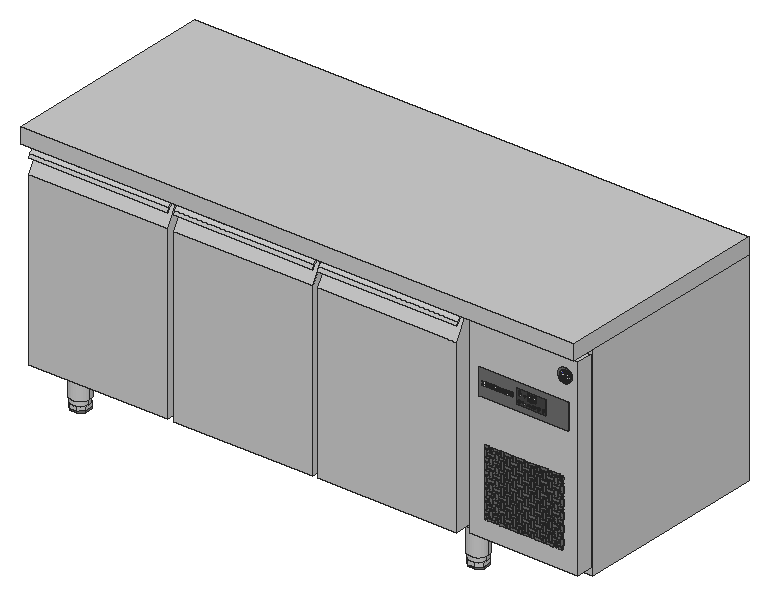
Revit family "QF_HOSHIZAKI_889020823", category Specialty Equipment, Revit 2016 (continued)
Definition of nested family "QF_HOSHIZAKI_ADVANCE_REF-COUNTER-DOORS-DRAWERS"
  Nested families
    nested 3: "3_Drawers_1-3" at (0, 0, 0), Section size <- "Section size", type "3 Drawers 1-3"
      with Worktop thickness 50 mm, Section size 446 mm, Legs height 0 mm, Height Actual 700 mm, Depth Actual 0 mm, 3 Drawers no
    nested 4: "2_Drawers_1-2" at (0, 0, 0), Section size <- "Section size", type "2 Drawers 1-2"
      with Worktop thickness 50 mm, Section size 446 mm, Legs height 0 mm, Height Actual 700 mm, Depth Actual 0 mm, 2 Drawers no
    nested 5: "3_Drawers_1-3_2-3" at (0, 0, 0), Section size <- "Section size", type "2 Drawers 1-3 and 2-3"
      with Worktop thickness 40 mm, Section size 446 mm, Legs height 0 mm, Height Actual 750 mm, Depth Actual 0 mm, 2 Drawers 1-3 and 2-3 no
    nested 6: "Right_Glass_Door" at (0, 0, 0), Section size <- "Section size", type "Right glass door"
      with Worktop thickness 40 mm, Section size 446 mm, Legs height 0 mm, Height Actual 750 mm, Depth Actual 0 mm, Right hand hinged glass door no
    nested 7: "Left_Glass_Door" at (0, 0, 0), Section size <- "Section size", type "Left glass door"
      with Worktop thickness 40 mm, Section size 446 mm, Legs height 0 mm, Height Actual 750 mm, Depth Actual 0 mm, Left hand hinged glass door no
  Definition of nested family "Right_Door"
    Parameters (values of type "Right door")
      Worktop thickness [instance] = 50 mm
      URL = "www.specifiglobal.com"
      Section size [instance] = 446 mm
      Right hand hinged door = yes
      Model = ""
      Manufacturer = "DEMO CONSULTANT"
      Legs height [instance] = 150 mm
      Height Actual [instance] = 850 mm
      Description = ""
      Depth Actual [instance] = 700 mm
      Assembly Code = "E1090320"
    Reference planes
      plane 1 "Back": y = 0
      plane 2: z = 0
      plane 3 "Left": x = 0
      plane 4 "Right": x = 446
      plane 5 "Front": y = -700
      plane 6 "Top": z = 850
      plane 7 "Front door": y = -633
      plane 8 "Bottom shelf": z = 150
      plane 9 "Worktop bottom": z = 800
      plane 10: z = 784
      plane 11: z = 170
    Forms (mm)
      Extrusion 1, solid, visible <- "Right hand hinged door", detail levels coarse
        sketch origin (0, -608.657, 170) x (0, 1, 0) y (-1, 0, 0)
          loop
            arc (-85.343, 0) -> (-400.712, -130.63) -> (-531.343, -446) r 446
            line (-531.343, -446) -> (-85.343, -446) -> (-85.343, 0)
        from 0 to 614
      Extrusion 2, solid, visible <- "Right hand hinged door"
        sketch origin (860, -633, 4000) x (-1, 0, 0) y (0, 0, 1)
          loop
            line (852, -3224) -> (422, -3224) -> (422, -3822) -> (852, -3822) -> (852, -3224)
          loop
            line (823, -3253) -> (451, -3253) -> (451, -3793) -> (823, -3793) -> (823, -3253)
        from 0 to -11
      Extrusion 3, solid, visible <- "Right hand hinged door"
        sketch origin (0, 0, 0) x (0, 1, 0) y (0, 0, 1)
          loop
            line (-644, 784) -> (-675.296, 784)
            arc (-675.296, 784) -> (-683.245, 781.721) -> (-688.778, 775.576) r 15
            line (-688.778, 775.576) -> (-694, 764.869) -> (-692.202, 763.992) -> (-686.981, 774.699)
            arc (-686.981, 774.699) -> (-682.185, 780.025) -> (-675.296, 782) r 13
            line (-675.296, 782) -> (-656.484, 782) -> (-694, 717.02) -> (-694, 170) -> (-644, 170) -> (-644, 784)
        from 0 to 446
    Lines and regions (mm)
      symbolic lines, visible <- "Right hand hinged door"
        curve 1: line (446, -700, 850) -> (446, -1140, 850)
        curve 2: arc (0.04, -700, 850) -> (132.759, -1011.484, 850) -> (446, -1140, 850) r 446
    Dimensions and locks
      "Section size": plane 3 "Left" to plane 4 "Right"
      "Depth Actual": plane 5 "Front" to plane 1 "Back"
      "Height Actual": plane 6 "Top" to level
      locked: plane 7 "Front door" to plane 5 "Front" at 67
      "Legs height": plane 8 "Bottom shelf" to plane 2
      "Worktop thickness": plane 6 "Top" to plane 9 "Worktop bottom"
      locked: plane 11 to plane 8 "Bottom shelf" at 20
      locked: plane 9 "Worktop bottom" to plane 10 at 16
      aligned and locked: level to plane 2
      aligned and locked: Extrusion 1 to plane 10
      aligned and locked: Extrusion 3 to plane 4 "Right"
      aligned and locked: curve 2 to Extrusion 1
      aligned and locked: plane 10 to Extrusion 3 sketch curve
      aligned and locked: Extrusion 3 sketch curve to plane 11
    Automatic sketch dimensions
      plane 4 "Right" to Extrusion 2 sketch curve = 8 mm
      plane 4 "Right" to Extrusion 2 sketch curve = 37 mm
      plane 3 "Left" to Extrusion 2 sketch curve = 37 mm
      plane 3 "Left" to Extrusion 2 sketch curve = 8 mm
      plane 11 to Extrusion 2 sketch curve = 8 mm
      plane 11 to Extrusion 2 sketch curve = 37 mm
      Extrusion 2 sketch curve to plane 10 = 37 mm
      Extrusion 2 sketch curve to plane 10 = 8 mm
      Extrusion 1 sketch curve to plane 4 "Right" = 0 mm
      Extrusion 1 sketch curve to plane 3 "Left" = 0 mm
      plane 5 "Front" to Extrusion 1 sketch curve = 6 mm
      curve 1 to plane 5 "Front" = 0 mm
      curve 2 to plane 5 "Front" = 0 mm
      Extrusion 3 sketch curve to Extrusion 3 sketch curve = 0 mm  (x2)
      Extrusion 3 sketch curve to plane 7 "Front door" = 61 mm  (x2)
      Extrusion 3 sketch curve to Extrusion 3 sketch curve = 1.798 mm  (x2)
      Extrusion 3 sketch curve to plane 10 = 8.424 mm
      Extrusion 3 sketch curve to Extrusion 3 sketch curve = 5.222 mm
      Extrusion 3 sketch curve to plane 10 = 9.301 mm
      Extrusion 3 sketch curve to plane 7 "Front door" = 42.296 mm
      Extrusion 3 sketch curve to plane 7 "Front door" = 23.484 mm
      Extrusion 3 sketch curve to Extrusion 3 sketch curve = 12.484 mm
      Extrusion 3 sketch curve to Extrusion 3 sketch curve = 46.972 mm
  Definition of nested family "Left_Door"
    Parameters (values of type "Left door")
      Worktop thickness [instance] = 50 mm
      URL = "www.specifiglobal.com"
      Section size [instance] = 450 mm
      Model = ""
      Manufacturer = "DEMO CONSULTANT"
      Legs height [instance] = 150 mm
      Left hand hinged door = yes
      Height Actual [instance] = 850 mm
      Description = ""
      Depth Actual [instance] = 700 mm
      Assembly Code = "E1090320"
    Reference planes
      plane 1 "Back": y = 0
      plane 2: z = 0
      plane 3 "Left": x = 0
      plane 4 "Right": x = 450
      plane 5 "Front": y = -700
      plane 6 "Top": z = 850
      plane 7 "Front door": y = -633
      plane 8 "Bottom shelf": z = 150
      plane 9 "Worktop bottom": z = 800
      plane 10: z = 784
      plane 11: z = 170
    Forms (mm)
      Extrusion 1, solid, visible <- "Left hand hinged door"
        sketch origin (860, -633, 4000) x (-1, 0, 0) y (0, 0, 1)
          loop
            line (852, -3224) -> (418, -3224) -> (418, -3822) -> (852, -3822) -> (852, -3224)
          loop
            line (823, -3253) -> (447, -3253) -> (447, -3793) -> (823, -3793) -> (823, -3253)
        from 0 to -11
      Extrusion 2, solid, visible <- "Left hand hinged door"
        sketch origin (0, 0, 0) x (0, 1, 0) y (0, 0, 1)
          loop
            line (-644, 784) -> (-675.296, 784)
            arc (-675.296, 784) -> (-683.245, 781.721) -> (-688.778, 775.576) r 15
            line (-688.778, 775.576) -> (-694, 764.869) -> (-692.202, 763.992) -> (-686.981, 774.699)
            arc (-686.981, 774.699) -> (-682.185, 780.025) -> (-675.296, 782) r 13
            line (-675.296, 782) -> (-656.484, 782) -> (-694, 717.02) -> (-694, 170) -> (-644, 170) -> (-644, 784)
        from 0 to 450
      Extrusion 3, solid, visible <- "Left hand hinged door", detail levels coarse
        sketch origin (0, -608.657, 170) x (0, 1, 0) y (-1, 0, 0)
          loop
            line (-85.343, -450) -> (-85.343, 0) -> (-535.343, 0)
            arc (-535.343, 0) -> (-403.541, -318.198) -> (-85.343, -450) r 450
        from 0 to 614
    Lines and regions (mm)
      symbolic lines, visible <- "Left hand hinged door"
        curve 1: line (0, -700, 850) -> (0, -1144, 850)
        curve 2: arc (0, -1144, 850) -> (316.07, -1014.312, 850) -> (449.96, -700, 850) r 450
    Dimensions and locks
      "Section size": plane 3 "Left" to plane 4 "Right"
      "Depth Actual": plane 5 "Front" to plane 1 "Back"
      "Height Actual": plane 6 "Top" to level
      locked: plane 7 "Front door" to plane 5 "Front" at 67
      "Legs height": plane 8 "Bottom shelf" to plane 2
      "Worktop thickness": plane 6 "Top" to plane 9 "Worktop bottom"
      locked: plane 11 to plane 8 "Bottom shelf" at 20
      locked: plane 9 "Worktop bottom" to plane 10 at 16
      aligned and locked: level to plane 2
      aligned and locked: Extrusion 2 to plane 4 "Right"
      aligned and locked: Extrusion 3 to plane 10
      aligned and locked: curve 2 to Extrusion 3
      aligned and locked: plane 10 to Extrusion 2 sketch curve
      aligned and locked: Extrusion 2 sketch curve to plane 11
    Automatic sketch dimensions
      plane 4 "Right" to Extrusion 1 sketch curve = 8 mm
      plane 4 "Right" to Extrusion 1 sketch curve = 37 mm
      plane 3 "Left" to Extrusion 1 sketch curve = 37 mm
      plane 3 "Left" to Extrusion 1 sketch curve = 8 mm
      plane 11 to Extrusion 1 sketch curve = 8 mm
      plane 11 to Extrusion 1 sketch curve = 37 mm
      Extrusion 1 sketch curve to plane 10 = 37 mm
      Extrusion 1 sketch curve to plane 10 = 8 mm
      Extrusion 3 sketch curve to plane 3 "Left" = 0 mm
      Extrusion 3 sketch curve to plane 4 "Right" = 0 mm
      plane 5 "Front" to Extrusion 3 sketch curve = 6 mm
      curve 1 to plane 5 "Front" = 0 mm
      curve 2 to plane 5 "Front" = 0 mm
      Extrusion 2 sketch curve to Extrusion 2 sketch curve = 0 mm  (x2)
      plane 5 "Front" to Extrusion 2 sketch curve = 6 mm  (x2)
      Extrusion 2 sketch curve to Extrusion 2 sketch curve = 1.798 mm
      plane 5 "Front" to Extrusion 2 sketch curve = 11.222 mm
      Extrusion 2 sketch curve to Extrusion 2 sketch curve = 11.684 mm
      Extrusion 2 sketch curve to Extrusion 2 sketch curve = 18.812 mm
      Extrusion 2 sketch curve to plane 7 "Front door" = 11 mm
      Extrusion 2 sketch curve to plane 10 = 66.98 mm
      Extrusion 2 sketch curve to plane 10 = 20.008 mm
      Extrusion 2 sketch curve to Extrusion 2 sketch curve = 0.877 mm  (x2)
  Definition of nested family "3_Drawers_1-3"
    Parameters (values of type "3 Drawers 1-3")
      Worktop thickness [instance] = 50 mm
      URL = "www.specifiglobal.com"
      Section size [instance] = 446 mm
      Model = ""
      Manufacturer = "DEMO CONSULTANT"
      Legs height [instance] = 150 mm
      Height Actual [instance] = 850 mm
      Description = ""
      Depth Actual [instance] = 700 mm
      Assembly Code = "E1090320"
      3 Drawers = yes
    Reference planes
      plane 1 "Back": y = 0
      plane 2: z = 0
      plane 3 "Left": x = 0
      plane 4 "Right": x = 446
      plane 5 "Front": y = -700
      plane 6 "Top": z = 850
      plane 7 "Front door": y = -633
      plane 8 "Bottom shelf": z = 150
      plane 9 "Worktop bottom": z = 800
      plane 10: z = 784
      plane 11: z = 170
      plane 12: z = 584
      plane 13: z = 577
      plane 14: z = 370
      plane 15: z = 377
      plane 16: z = 580.5
      plane 17: z = 373.5
      plane 18: z = 166.5
      plane 19: z = 787.5
    Forms (mm)
      Extrusion 1, solid, visible <- "3 Drawers"
        sketch origin (860, -633, 4000) x (-1, 0, 0) y (0, 0, 1)
          loop
            line (852, -3224) -> (422, -3224) -> (422, -3408) -> (852, -3408) -> (852, -3224)
          loop
            line (823, -3253) -> (451, -3253) -> (451, -3379) -> (823, -3379) -> (823, -3253)
        from 0 to -11
      Extrusion 2, solid, visible <- "3 Drawers"
        sketch origin (0, 0, 0) x (0, 1, 0) y (0, 0, 1)
          loop
            line (-644, 784) -> (-675.296, 784)
            arc (-675.296, 784) -> (-683.245, 781.721) -> (-688.778, 775.576) r 15
            line (-688.778, 775.576) -> (-694, 764.869) -> (-692.202, 763.992) -> (-686.981, 774.699)
            arc (-686.981, 774.699) -> (-682.185, 780.025) -> (-675.296, 782) r 13
            line (-675.296, 782) -> (-656.484, 782) -> (-694, 717.02) -> (-694, 584) -> (-644, 584) -> (-644, 784)
        from 0 to 446
      Extrusion 3, solid, visible <- "3 Drawers"
        sketch origin (0, 0, -237.3) x (0, 1, 0) y (0, 0, 1)
          loop
            line (-644, 814.3) -> (-675.296, 814.3)
            arc (-675.296, 814.3) -> (-683.245, 812.021) -> (-688.778, 805.876) r 15
            line (-688.778, 805.876) -> (-694, 795.169) -> (-692.202, 794.292) -> (-686.981, 804.999)
            arc (-686.981, 804.999) -> (-682.185, 810.325) -> (-675.296, 812.3) r 13
            line (-675.296, 812.3) -> (-656.484, 812.3) -> (-694, 747.32) -> (-694, 614.3) -> (-644, 614.3) -> (-644, 814.3)
        from 0 to 446
      Extrusion 4, solid, visible <- "3 Drawers"
        sketch origin (0, 0, -463.333) x (0, 1, 0) y (0, 0, 1)
          loop
            line (-644, 833.333) -> (-675.296, 833.333)
            arc (-675.296, 833.333) -> (-683.245, 831.054) -> (-688.778, 824.909) r 15
            line (-688.778, 824.909) -> (-694, 814.202) -> (-692.202, 813.326) -> (-686.981, 824.032)
            arc (-686.981, 824.032) -> (-682.185, 829.358) -> (-675.296, 831.333) r 13
            line (-675.296, 831.333) -> (-656.484, 831.333) -> (-694, 766.353) -> (-694, 633.333) -> (-644, 633.333) -> (-644, 833.333)
        from 0 to 446
      Extrusion 5, solid, visible <- "3 Drawers"
        sketch origin (860, -633, 3773.7) x (-1, 0, 0) y (0, 0, 1)
          loop
            line (852, -3204.7) -> (422, -3204.7) -> (422, -3388.7) -> (852, -3388.7) -> (852, -3204.7)
          loop
            line (823, -3233.7) -> (451, -3233.7) -> (451, -3359.7) -> (823, -3359.7) -> (823, -3233.7)
        from 0 to -11
      Extrusion 6, solid, visible <- "3 Drawers"
        sketch origin (860, -633, 3547) x (-1, 0, 0) y (0, 0, 1)
          loop
            line (852, -3185) -> (422, -3185) -> (422, -3369) -> (852, -3369) -> (852, -3185)
          loop
            line (823, -3214) -> (451, -3214) -> (451, -3340) -> (823, -3340) -> (823, -3214)
        from 0 to -11
      Extrusion 7, solid, visible <- "3 Drawers", detail levels coarse
        sketch origin (0, -608.657, 584) x (0, 1, 0) y (-1, 0, 0)
          loop
            line (-85.343, 0) -> (-551.343, 0) -> (-551.343, -446) -> (-85.343, -446) -> (-85.343, 0)
        from 0 to 200
      Extrusion 8, solid, visible <- "3 Drawers", detail levels coarse
        sketch origin (0, -503.657, 377) x (0, 1, 0) y (-1, 0, 0)
          loop
            line (-190.343, 0) -> (-656.343, 0) -> (-656.343, -446) -> (-190.343, -446) -> (-190.343, 0)
        from 0 to 200
      Extrusion 9, solid, visible <- "3 Drawers", detail levels coarse
        sketch origin (0, -343.657, 170) x (0, 1, 0) y (-1, 0, 0)
          loop
            line (-350.343, 0) -> (-816.343, 0) -> (-816.343, -446) -> (-350.343, -446) -> (-350.343, 0)
        from 0 to 200
    Lines and regions (mm)
      symbolic lines, visible <- "3 Drawers"
        curve 1: line (0, -808, 850) -> (0, -854, 850)
        curve 2: line (0, -854, 850) -> (446, -854, 850)
        curve 3: line (446, -854, 850) -> (446, -808, 850)
        curve 4: line (446, -808, 850) -> (0, -808, 850)
        curve 5: line (416, -808, 850) -> (416, -700, 850)
        curve 6: line (30, -808, 850) -> (30, -700, 850)
        curve 7: line (0, -961, 850) -> (0, -1007, 850)
        curve 8: line (0, -1007, 850) -> (446, -1007, 850)
        curve 9: line (446, -1007, 850) -> (446, -961, 850)
        curve 10: line (446, -961, 850) -> (0, -961, 850)
        curve 11: line (416, -961, 850) -> (416, -854, 850)
        curve 12: line (30, -961, 850) -> (30, -854, 850)
        curve 13: line (0, -1114, 850) -> (0, -1160, 850)
        curve 14: line (0, -1160, 850) -> (446, -1160, 850)
        curve 15: line (446, -1160, 850) -> (446, -1114, 850)
        curve 16: line (446, -1114, 850) -> (0, -1114, 850)
        curve 17: line (416, -1114, 850) -> (416, -1007, 850)
        curve 18: line (30, -1114, 850) -> (30, -1007, 850)
    Dimensions and locks
      "Section size": plane 3 "Left" to plane 4 "Right"
      "Depth Actual": plane 5 "Front" to plane 1 "Back"
      "Height Actual": plane 6 "Top" to level
      locked: plane 7 "Front door" to plane 5 "Front" at 67
      "Legs height": plane 8 "Bottom shelf" to plane 2
      "Worktop thickness": plane 6 "Top" to plane 9 "Worktop bottom"
      locked: plane 11 to plane 8 "Bottom shelf" at 20
      locked: plane 9 "Worktop bottom" to plane 10 at 16
      locked: plane 12 to plane 13 at 7
      locked: plane 15 to plane 14 at 7
      locked: plane 11 to plane 18 at 3.5
      equal spacing: plane 12, plane 16, plane 13
      equal spacing: plane 15, plane 17, plane 14
      locked: plane 19 to plane 10 at 3.5
      equal spacing: plane 19, plane 16, plane 17, plane 18
      aligned and locked: level to plane 2
      aligned and locked: Extrusion 2 to plane 4 "Right"
      aligned and locked: Extrusion 3 to plane 4 "Right"
      aligned and locked: Extrusion 4 to plane 4 "Right"
      aligned and locked: plane 4 "Right" to Extrusion 7 sketch curve
      aligned and locked: plane 3 "Left" to Extrusion 7 sketch curve
      aligned and locked: Extrusion 7 to plane 10
      aligned and locked: Extrusion 8 to plane 13
      aligned and locked: Extrusion 9 to plane 14
      aligned and locked: plane 10 to Extrusion 2 sketch curve
      aligned and locked: Extrusion 2 sketch curve to plane 12
      aligned and locked: Extrusion 3 sketch curve to plane 15
      aligned and locked: plane 13 to Extrusion 3 sketch curve
    Automatic sketch dimensions
      plane 4 "Right" to Extrusion 1 sketch curve = 8 mm
      plane 4 "Right" to Extrusion 1 sketch curve = 37 mm
      plane 3 "Left" to Extrusion 1 sketch curve = 37 mm
      plane 3 "Left" to Extrusion 1 sketch curve = 8 mm
      plane 12 to Extrusion 1 sketch curve = 8 mm
      plane 12 to Extrusion 1 sketch curve = 37 mm
      Extrusion 1 sketch curve to plane 10 = 37 mm
      Extrusion 1 sketch curve to plane 10 = 8 mm
      plane 4 "Right" to Extrusion 5 sketch curve = 8 mm
      plane 4 "Right" to Extrusion 5 sketch curve = 37 mm
      plane 3 "Left" to Extrusion 5 sketch curve = 37 mm
      plane 3 "Left" to Extrusion 5 sketch curve = 8 mm
      plane 15 to Extrusion 5 sketch curve = 8 mm
      plane 15 to Extrusion 5 sketch curve = 37 mm
      Extrusion 5 sketch curve to plane 13 = 37 mm
      Extrusion 5 sketch curve to plane 13 = 8 mm
      plane 4 "Right" to Extrusion 6 sketch curve = 8 mm
      plane 4 "Right" to Extrusion 6 sketch curve = 37 mm
      plane 3 "Left" to Extrusion 6 sketch curve = 37 mm
      plane 3 "Left" to Extrusion 6 sketch curve = 8 mm
      plane 11 to Extrusion 6 sketch curve = 8 mm
      plane 11 to Extrusion 6 sketch curve = 37 mm
      Extrusion 6 sketch curve to plane 14 = 37 mm
      Extrusion 6 sketch curve to plane 14 = 8 mm
      Extrusion 7 sketch curve to plane 5 "Front" = 460 mm
      plane 5 "Front" to Extrusion 7 sketch curve = 6 mm
      Extrusion 8 sketch curve to plane 3 "Left" = 0 mm
      Extrusion 8 sketch curve to plane 4 "Right" = 0 mm
      Extrusion 8 sketch curve to plane 5 "Front" = 460 mm
      plane 5 "Front" to Extrusion 8 sketch curve = 6 mm
      Extrusion 9 sketch curve to plane 3 "Left" = 0 mm
      Extrusion 9 sketch curve to plane 4 "Right" = 0 mm
      Extrusion 9 sketch curve to plane 5 "Front" = 460 mm
      plane 5 "Front" to Extrusion 9 sketch curve = 6 mm
      curve 13 to plane 3 "Left" = 0 mm
      curve 14 to plane 4 "Right" = 0 mm
      curve 7 to plane 3 "Left" = 0 mm
      curve 8 to plane 4 "Right" = 0 mm
      curve 1 to plane 3 "Left" = 0 mm
      curve 3 to plane 4 "Right" = 0 mm
      curve 6 to plane 5 "Front" = 0 mm
      curve 5 to plane 5 "Front" = 0 mm
      curve 1 to plane 5 "Front" = 108 mm
      curve 2 to curve 3 = 46 mm
      curve 7 to curve 1 = 107 mm
      curve 9 to curve 9 = 46 mm
      curve 16 to curve 7 = 107 mm
      curve 14 to curve 13 = 46 mm
      curve 8 to curve 17 = 30 mm
      curve 9 to curve 11 = 30 mm
      curve 3 to curve 5 = 30 mm
      plane 3 "Left" to curve 6 = 30 mm
      plane 3 "Left" to curve 18 = 30 mm
      plane 3 "Left" to curve 12 = 30 mm
      Extrusion 2 sketch curve to Extrusion 2 sketch curve = 0 mm  (x3)
      plane 5 "Front" to Extrusion 2 sketch curve = 6 mm  (x2)
      Extrusion 2 sketch curve to Extrusion 2 sketch curve = 1.798 mm  (x2)
      Extrusion 2 sketch curve to Extrusion 2 sketch curve = 11.684 mm
      plane 5 "Front" to Extrusion 2 sketch curve = 43.516 mm
      plane 5 "Front" to Extrusion 2 sketch curve = 56 mm
      Extrusion 2 sketch curve to plane 10 = 66.98 mm
      Extrusion 3 sketch curve to Extrusion 3 sketch curve = 0 mm  (x4)
      Extrusion 3 sketch curve to Extrusion 3 sketch curve = 1.798 mm  (x2)
      plane 5 "Front" to Extrusion 3 sketch curve = 11.222 mm
      Extrusion 3 sketch curve to Extrusion 3 sketch curve = 18.812 mm
      Extrusion 3 sketch curve to plane 7 "Front door" = 11 mm
      Extrusion 3 sketch curve to Extrusion 3 sketch curve = 46.972 mm
      Extrusion 4 sketch curve to Extrusion 4 sketch curve = 0 mm  (x2)
      Extrusion 4 sketch curve to plane 11 = 0 mm
      Extrusion 4 sketch curve to plane 14 = 0 mm
      Extrusion 4 sketch curve to plane 7 "Front door" = 61 mm  (x2)
      Extrusion 4 sketch curve to Extrusion 4 sketch curve = 1.798 mm  (x2)
      Extrusion 4 sketch curve to plane 14 = 8.424 mm
      Extrusion 4 sketch curve to Extrusion 4 sketch curve = 5.222 mm
      Extrusion 4 sketch curve to plane 14 = 9.301 mm
      Extrusion 4 sketch curve to plane 7 "Front door" = 42.296 mm
      Extrusion 4 sketch curve to plane 7 "Front door" = 23.484 mm
      Extrusion 4 sketch curve to plane 7 "Front door" = 11 mm
      Extrusion 4 sketch curve to Extrusion 4 sketch curve = 46.972 mm
      plane 5 "Front" to Extrusion 2 sketch curve = 11.222 mm
      plane 5 "Front" to Extrusion 3 sketch curve = 7.798 mm
      plane 5 "Front" to Extrusion 3 sketch curve = 6 mm
      Extrusion 3 sketch curve to Extrusion 3 sketch curve = 11.684 mm
      Extrusion 3 sketch curve to Extrusion 3 sketch curve = 66.98 mm
      Extrusion 3 sketch curve to Extrusion 3 sketch curve = 0.877 mm
      Extrusion 2 sketch curve to plane 10 = 20.008 mm
      Extrusion 2 sketch curve to Extrusion 2 sketch curve = 0.877 mm
  Definition of nested family "2_Drawers_1-2"
    Parameters (values of type "2 Drawers 1-2")
      Worktop thickness [instance] = 50 mm
      URL = "www.specifiglobal.com"
      Section size [instance] = 446 mm
      Model = ""
      Manufacturer = "DEMO CONSULTANT"
      Legs height [instance] = 150 mm
      Height Actual [instance] = 850 mm
      Description = ""
      Depth Actual [instance] = 700 mm
      Assembly Code = "E1090320"
      2 Drawers = yes
    Reference planes
      plane 1 "Back": y = 0
      plane 2: z = 0
      plane 3 "Left": x = 0
      plane 4 "Right": x = 446
      plane 5 "Front": y = -700
      plane 6 "Top": z = 850
      plane 7 "Front door": y = -633
      plane 8 "Bottom shelf": z = 150
      plane 9 "Worktop bottom": z = 800
      plane 10: z = 784
      plane 11: z = 170
      plane 12: z = 481
      plane 13: z = 473
      plane 14: z = 477
      plane 15: z = 792
      plane 16: z = 160
    Forms (mm)
      Extrusion 1, solid, visible <- "2 Drawers"
        sketch origin (860, -633, 4000) x (-1, 0, 0) y (0, 0, 1)
          loop
            line (852, -3224) -> (422, -3224) -> (422, -3511) -> (852, -3511) -> (852, -3224)
          loop
            line (823, -3253) -> (451, -3253) -> (451, -3482) -> (823, -3482) -> (823, -3253)
        from 0 to -11
      Extrusion 2, solid, visible <- "2 Drawers"
        sketch origin (0, 0, 0) x (0, 1, 0) y (0, 0, 1)
          loop
            line (-644, 784) -> (-675.296, 784)
            arc (-675.296, 784) -> (-683.245, 781.721) -> (-688.778, 775.576) r 15
            line (-688.778, 775.576) -> (-694, 764.869) -> (-692.202, 763.992) -> (-686.981, 774.699)
            arc (-686.981, 774.699) -> (-682.185, 780.025) -> (-675.296, 782) r 13
            line (-675.296, 782) -> (-656.484, 782) -> (-694, 717.02) -> (-694, 481) -> (-644, 481) -> (-644, 784)
        from 0 to 446
      Extrusion 3, solid, visible <- "2 Drawers"
        sketch origin (0, 0, -463.333) x (0, 1, 0) y (0, 0, 1)
          loop
            line (-644, 936.333) -> (-675.296, 936.333)
            arc (-675.296, 936.333) -> (-683.245, 934.054) -> (-688.778, 927.909) r 15
            line (-688.778, 927.909) -> (-694, 917.202) -> (-692.202, 916.326) -> (-686.981, 927.032)
            arc (-686.981, 927.032) -> (-682.185, 932.358) -> (-675.296, 934.333) r 13
            line (-675.296, 934.333) -> (-656.484, 934.333) -> (-694, 869.353) -> (-694, 633.333) -> (-644, 633.333) -> (-644, 936.333)
        from 0 to 446
      Extrusion 4, solid, visible <- "2 Drawers"
        sketch origin (860, -633, 3547) x (-1, 0, 0) y (0, 0, 1)
          loop
            line (852, -3082) -> (422, -3082) -> (422, -3369) -> (852, -3369) -> (852, -3082)
          loop
            line (823, -3111) -> (451, -3111) -> (451, -3340) -> (823, -3340) -> (823, -3111)
        from 0 to -11
      Extrusion 5, solid, visible <- "2 Drawers", detail levels coarse
        sketch origin (0, -608.657, 481) x (0, 1, 0) y (-1, 0, 0)
          loop
            line (-85.343, 0) -> (-551.343, 0) -> (-551.343, -446) -> (-85.343, -446) -> (-85.343, 0)
        from 0 to 303
      Extrusion 6, solid, visible <- "2 Drawers", detail levels coarse
        sketch origin (0, -343.657, 170) x (0, 1, 0) y (-1, 0, 0)
          loop
            line (-350.343, 0) -> (-816.343, 0) -> (-816.343, -446) -> (-350.343, -446) -> (-350.343, 0)
        from 0 to 303
    Lines and regions (mm)
      symbolic lines, visible <- "2 Drawers"
        curve 1: line (0, -884, 850) -> (0, -930, 850)
        curve 2: line (0, -930, 850) -> (446, -930, 850)
        curve 3: line (446, -930, 850) -> (446, -884, 850)
        curve 4: line (446, -884, 850) -> (0, -884, 850)
        curve 5: line (416, -884, 850) -> (416, -700, 850)
        curve 6: line (30, -884, 850) -> (30, -700, 850)
        curve 7: line (0, -1114, 850) -> (0, -1160, 850)
        curve 8: line (0, -1160, 850) -> (446, -1160, 850)
        curve 9: line (446, -1160, 850) -> (446, -1114, 850)
        curve 10: line (446, -1114, 850) -> (0, -1114, 850)
        curve 11: line (416, -1114, 850) -> (416, -930, 850)
        curve 12: line (30, -1114, 850) -> (30, -930, 850)
    Dimensions and locks
      "Section size": plane 3 "Left" to plane 4 "Right"
      "Depth Actual": plane 5 "Front" to plane 1 "Back"
      "Height Actual": plane 6 "Top" to level
      locked: plane 7 "Front door" to plane 5 "Front" at 67
      "Legs height": plane 8 "Bottom shelf" to plane 2
      "Worktop thickness": plane 6 "Top" to plane 9 "Worktop bottom"
      locked: plane 11 to plane 8 "Bottom shelf" at 20
      locked: plane 9 "Worktop bottom" to plane 10 at 16
      equal spacing: plane 9 "Worktop bottom", plane 15, plane 10
      equal spacing: plane 11, plane 16, plane 8 "Bottom shelf"
      plane 12 to plane 13 = 8 mm
      equal spacing: plane 12, plane 14, plane 13
      equal spacing: plane 10, plane 14, plane 11
      aligned and locked: level to plane 2
      aligned and locked: Extrusion 2 to plane 4 "Right"
      aligned and locked: Extrusion 3 to plane 4 "Right"
      aligned and locked: plane 4 "Right" to Extrusion 5 sketch curve
      aligned and locked: plane 3 "Left" to Extrusion 5 sketch curve
      aligned and locked: Extrusion 5 to plane 10
      aligned and locked: Extrusion 6 to plane 13
      aligned and locked: Extrusion 2 sketch curve to plane 12
      aligned and locked: plane 10 to Extrusion 2 sketch curve
      aligned and locked: Extrusion 3 sketch curve to plane 11
      aligned and locked: plane 13 to Extrusion 3 sketch curve
    Automatic sketch dimensions
      plane 4 "Right" to Extrusion 1 sketch curve = 8 mm
      plane 4 "Right" to Extrusion 1 sketch curve = 37 mm
      plane 3 "Left" to Extrusion 1 sketch curve = 37 mm
      plane 3 "Left" to Extrusion 1 sketch curve = 8 mm
      plane 12 to Extrusion 1 sketch curve = 8 mm
      plane 12 to Extrusion 1 sketch curve = 37 mm
      Extrusion 1 sketch curve to plane 10 = 37 mm
      Extrusion 1 sketch curve to plane 10 = 8 mm
      plane 4 "Right" to Extrusion 4 sketch curve = 8 mm
      plane 4 "Right" to Extrusion 4 sketch curve = 37 mm
      plane 3 "Left" to Extrusion 4 sketch curve = 37 mm
      plane 3 "Left" to Extrusion 4 sketch curve = 8 mm
      plane 11 to Extrusion 4 sketch curve = 8 mm
      plane 11 to Extrusion 4 sketch curve = 37 mm
      Extrusion 4 sketch curve to plane 13 = 37 mm
      Extrusion 4 sketch curve to plane 13 = 8 mm
      Extrusion 5 sketch curve to plane 5 "Front" = 460 mm
      plane 5 "Front" to Extrusion 5 sketch curve = 6 mm
      Extrusion 6 sketch curve to plane 3 "Left" = 0 mm
      Extrusion 6 sketch curve to plane 4 "Right" = 0 mm
      Extrusion 6 sketch curve to plane 5 "Front" = 460 mm
      plane 5 "Front" to Extrusion 6 sketch curve = 6 mm
      curve 8 to plane 3 "Left" = 0 mm
      curve 8 to plane 4 "Right" = 0 mm
      curve 3 to plane 4 "Right" = 0 mm
      curve 1 to plane 3 "Left" = 0 mm
      curve 5 to plane 5 "Front" = 0 mm
      curve 6 to plane 5 "Front" = 0 mm
      curve 4 to plane 5 "Front" = 184 mm
      curve 2 to curve 1 = 46 mm
      curve 7 to curve 1 = 184 mm
      curve 9 to curve 9 = 46 mm
      plane 4 "Right" to curve 5 = 30 mm
      plane 4 "Right" to curve 11 = 30 mm
      plane 3 "Left" to curve 12 = 30 mm
      plane 3 "Left" to curve 6 = 30 mm
      Extrusion 2 sketch curve to Extrusion 2 sketch curve = 0 mm  (x2)
      plane 5 "Front" to Extrusion 2 sketch curve = 6 mm  (x2)
      Extrusion 2 sketch curve to Extrusion 2 sketch curve = 1.798 mm  (x2)
      Extrusion 2 sketch curve to Extrusion 2 sketch curve = 5.222 mm
      plane 5 "Front" to Extrusion 2 sketch curve = 24.704 mm
      plane 5 "Front" to Extrusion 2 sketch curve = 43.516 mm
      plane 5 "Front" to Extrusion 2 sketch curve = 56 mm
      Extrusion 2 sketch curve to Extrusion 2 sketch curve = 46.972 mm
      Extrusion 2 sketch curve to Extrusion 2 sketch curve = 0.877 mm
      Extrusion 2 sketch curve to Extrusion 2 sketch curve = 5.699 mm
      plane 5 "Front" to Extrusion 3 sketch curve = 6 mm  (x2)
      Extrusion 3 sketch curve to Extrusion 3 sketch curve = 1.798 mm  (x2)
      Extrusion 3 sketch curve to Extrusion 3 sketch curve = 5.222 mm
      Extrusion 3 sketch curve to Extrusion 3 sketch curve = 11.684 mm
      plane 5 "Front" to Extrusion 3 sketch curve = 43.516 mm
      plane 5 "Front" to Extrusion 3 sketch curve = 56 mm
      Extrusion 3 sketch curve to Extrusion 3 sketch curve = 46.972 mm
      Extrusion 3 sketch curve to Extrusion 3 sketch curve = 0 mm  (x2)
      Extrusion 3 sketch curve to Extrusion 3 sketch curve = 5.699 mm
      Extrusion 3 sketch curve to Extrusion 3 sketch curve = 0.877 mm
  Definition of nested family "3_Drawers_1-3_2-3"
    Parameters (values of type "2 Drawers 1-3 and 2-3")
      Worktop thickness [instance] = 40 mm
      URL = "www.specifiglobal.com"
      Section size [instance] = 421 mm
      Model = ""
      Manufacturer = "DEMO CONSULTANT"
      Legs height [instance] = 150 mm
      Height Actual [instance] = 900 mm
      Description = ""
      Depth Actual [instance] = 700 mm
      Assembly Code = "E1090320"
      2 Drawers 1-3 and 2-3 = yes
    Reference planes
      plane 1 "Back": y = 0
      plane 2: z = 0
      plane 3 "Left": x = 0
      plane 4 "Right": x = 421
      plane 5 "Front": y = -700
      plane 6 "Top": z = 900
      plane 7 "Front door": y = -633
      plane 8 "Bottom shelf": z = 150
      plane 9 "Worktop bottom": z = 860
      plane 10: z = 841
      plane 11: z = 186
      plane 12: z = 627
      plane 13: z = 620
      plane 14: z = 623.5
      plane 15: z = 850.5
      plane 16: z = 168
    Forms (mm)
      Extrusion 1, solid, visible <- "2 Drawers 1-3 and 2-3"
        sketch origin (860, -633, 4000) x (-1, 0, 0) y (0, 0, 1)
          loop
            line (852, -3167) -> (447, -3167) -> (447, -3365) -> (852, -3365) -> (852, -3167)
          loop
            line (823, -3196) -> (476, -3196) -> (476, -3336) -> (823, -3336) -> (823, -3196)
        from 0 to -11
      Extrusion 2, solid, visible <- "2 Drawers 1-3 and 2-3"
        sketch origin (0, 0, 0) x (0, 1, 0) y (0, 0, 1)
          loop
            line (-644, 841) -> (-675.296, 841)
            arc (-675.296, 841) -> (-683.245, 838.721) -> (-688.778, 832.576) r 15
            line (-688.778, 832.576) -> (-694, 821.869) -> (-692.202, 820.992) -> (-686.981, 831.699)
            arc (-686.981, 831.699) -> (-682.185, 837.025) -> (-675.296, 839) r 13
            line (-675.296, 839) -> (-656.484, 839) -> (-694, 774.02) -> (-694, 627) -> (-644, 627) -> (-644, 841)
        from 0 to 421
      Extrusion 3, solid, visible <- "2 Drawers 1-3 and 2-3"
        sketch origin (0, 0, -463.333) x (0, 1, 0) y (0, 0, 1)
          loop
            line (-644, 1083.333) -> (-675.296, 1083.333)
            arc (-675.296, 1083.333) -> (-683.245, 1081.054) -> (-688.778, 1074.909) r 15
            line (-688.778, 1074.909) -> (-694, 1064.202) -> (-692.202, 1063.326) -> (-686.981, 1074.032)
            arc (-686.981, 1074.032) -> (-682.185, 1079.358) -> (-675.296, 1081.333) r 13
            line (-675.296, 1081.333) -> (-656.484, 1081.333) -> (-694, 1016.353) -> (-694, 649.333) -> (-644, 649.333) -> (-644, 1083.333)
        from 0 to 421
      Extrusion 4, solid, visible <- "2 Drawers 1-3 and 2-3"
        sketch origin (860, -633, 3547) x (-1, 0, 0) y (0, 0, 1)
          loop
            line (852, -2935) -> (447, -2935) -> (447, -3353) -> (852, -3353) -> (852, -2935)
          loop
            line (823, -2964) -> (476, -2964) -> (476, -3324) -> (823, -3324) -> (823, -2964)
        from 0 to -11
      Extrusion 5, solid, visible <- "2 Drawers 1-3 and 2-3", detail levels coarse
        sketch origin (0, -608.657, 627) x (0, 1, 0) y (-1, 0, 0)
          loop
            line (-85.343, 0) -> (-551.343, 0) -> (-551.343, -421) -> (-85.343, -421) -> (-85.343, 0)
        from 0 to 214
      Extrusion 6, solid, visible <- "2 Drawers 1-3 and 2-3", detail levels coarse
        sketch origin (0, -343.657, 186) x (0, 1, 0) y (-1, 0, 0)
          loop
            line (-350.343, 0) -> (-816.343, 0) -> (-816.343, -421) -> (-350.343, -421) -> (-350.343, 0)
        from 0 to 434
    Lines and regions (mm)
      symbolic lines, visible <- "2 Drawers 1-3 and 2-3"
        curve 1: line (0, -804, 900) -> (0, -850, 900)
        curve 2: line (0, -850, 900) -> (421, -850, 900)
        curve 3: line (421, -850, 900) -> (421, -804, 900)
        curve 4: line (421, -804, 900) -> (0, -804, 900)
        curve 5: line (391, -804, 900) -> (391, -700, 900)
        curve 6: line (30, -804, 900) -> (30, -700, 900)
        curve 7: line (0, -1114, 900) -> (0, -1160, 900)
        curve 8: line (0, -1160, 900) -> (421, -1160, 900)
        curve 9: line (421, -1160, 900) -> (421, -1114, 900)
        curve 10: line (421, -1114, 900) -> (0, -1114, 900)
        curve 11: line (391, -1114, 900) -> (391, -850, 900)
        curve 12: line (30, -1114, 900) -> (30, -850, 900)
    Dimensions and locks
      "Section size": plane 3 "Left" to plane 4 "Right"
      "Depth Actual": plane 5 "Front" to plane 1 "Back"
      "Height Actual": plane 6 "Top" to level
      locked: plane 7 "Front door" to plane 5 "Front" at 67
      "Legs height": plane 8 "Bottom shelf" to plane 2
      "Worktop thickness": plane 6 "Top" to plane 9 "Worktop bottom"
      locked: plane 11 to plane 8 "Bottom shelf" at 36
      locked: plane 9 "Worktop bottom" to plane 10 at 19
      locked: plane 12 to plane 13 at 7
      equal spacing: plane 9 "Worktop bottom", plane 15, plane 10
      equal spacing: plane 11, plane 16, plane 8 "Bottom shelf"
      locked: Extrusion 4 sketch curve to plane 13 at 37
      locked: Extrusion 4 sketch curve to plane 13 at 8
      equal spacing: plane 12, plane 14, plane 13
      locked: plane 10 to plane 12 at 214
      aligned and locked: level to plane 2
      aligned and locked: Extrusion 2 to plane 4 "Right"
      aligned and locked: Extrusion 3 to plane 4 "Right"
      aligned and locked: plane 4 "Right" to Extrusion 5 sketch curve
      aligned and locked: plane 3 "Left" to Extrusion 5 sketch curve
      aligned and locked: Extrusion 5 to plane 10
      aligned and locked: Extrusion 6 to plane 13
      aligned and locked: plane 10 to Extrusion 2 sketch curve
      aligned and locked: Extrusion 2 sketch curve to plane 12
      aligned and locked: Extrusion 3 sketch curve to plane 11
      aligned and locked: plane 13 to Extrusion 3 sketch curve
    Automatic sketch dimensions
      plane 4 "Right" to Extrusion 1 sketch curve = 8 mm
      plane 4 "Right" to Extrusion 1 sketch curve = 37 mm
      plane 3 "Left" to Extrusion 1 sketch curve = 37 mm
      plane 3 "Left" to Extrusion 1 sketch curve = 8 mm
      plane 12 to Extrusion 1 sketch curve = 8 mm
      plane 12 to Extrusion 1 sketch curve = 37 mm
      Extrusion 1 sketch curve to plane 10 = 37 mm
      Extrusion 1 sketch curve to plane 10 = 8 mm
      plane 4 "Right" to Extrusion 4 sketch curve = 8 mm
      plane 4 "Right" to Extrusion 4 sketch curve = 37 mm
      plane 3 "Left" to Extrusion 4 sketch curve = 37 mm
      plane 3 "Left" to Extrusion 4 sketch curve = 8 mm
      plane 11 to Extrusion 4 sketch curve = 8 mm
      plane 11 to Extrusion 4 sketch curve = 37 mm
      Extrusion 5 sketch curve to plane 5 "Front" = 460 mm
      plane 5 "Front" to Extrusion 5 sketch curve = 6 mm
      Extrusion 6 sketch curve to plane 3 "Left" = 0 mm
      Extrusion 6 sketch curve to plane 4 "Right" = 0 mm
      Extrusion 6 sketch curve to plane 5 "Front" = 460 mm
      plane 5 "Front" to Extrusion 6 sketch curve = 6 mm
      curve 8 to plane 3 "Left" = 0 mm
      curve 8 to plane 4 "Right" = 0 mm
      curve 3 to plane 4 "Right" = 0 mm
      curve 1 to plane 3 "Left" = 0 mm
      curve 5 to plane 5 "Front" = 0 mm
      curve 6 to plane 5 "Front" = 0 mm
      curve 4 to plane 5 "Front" = 104 mm
      curve 2 to curve 1 = 46 mm
      curve 7 to curve 1 = 264 mm
      curve 9 to curve 9 = 46 mm
      curve 3 to curve 5 = 30 mm
      plane 4 "Right" to curve 11 = 30 mm
      plane 3 "Left" to curve 12 = 30 mm
      plane 3 "Left" to curve 6 = 30 mm
      Extrusion 2 sketch curve to Extrusion 2 sketch curve = 0 mm  (x2)
      Extrusion 2 sketch curve to plane 7 "Front door" = 61 mm  (x2)
      Extrusion 2 sketch curve to Extrusion 2 sketch curve = 1.798 mm  (x2)
      Extrusion 2 sketch curve to Extrusion 2 sketch curve = 5.222 mm
      Extrusion 2 sketch curve to Extrusion 2 sketch curve = 11.684 mm
      Extrusion 2 sketch curve to Extrusion 2 sketch curve = 18.812 mm
      Extrusion 2 sketch curve to Extrusion 2 sketch curve = 50 mm
      Extrusion 2 sketch curve to Extrusion 2 sketch curve = 46.972 mm
      Extrusion 2 sketch curve to Extrusion 2 sketch curve = 0.877 mm
      Extrusion 2 sketch curve to Extrusion 2 sketch curve = 5.699 mm
      Extrusion 3 sketch curve to Extrusion 3 sketch curve = 0 mm  (x2)
      plane 5 "Front" to Extrusion 3 sketch curve = 6 mm  (x2)
      Extrusion 3 sketch curve to Extrusion 3 sketch curve = 1.798 mm  (x2)
      plane 5 "Front" to Extrusion 3 sketch curve = 11.222 mm
      Extrusion 3 sketch curve to Extrusion 3 sketch curve = 11.684 mm
      Extrusion 3 sketch curve to Extrusion 3 sketch curve = 18.812 mm
      Extrusion 3 sketch curve to plane 7 "Front door" = 11 mm
      Extrusion 3 sketch curve to Extrusion 3 sketch curve = 57.679 mm
      Extrusion 3 sketch curve to Extrusion 3 sketch curve = 10.706 mm
      Extrusion 3 sketch curve to Extrusion 3 sketch curve = 5.699 mm
  Definition of nested family "Right_Glass_Door"
    Parameters (values of type "Right glass door")
      Worktop thickness [instance] = 40 mm
      URL = "www.specifiglobal.com"
      Section size [instance] = 421 mm
      Right hand hinged glass door = yes
      Model = ""
      Manufacturer = "DEMO CONSULTANT"
      Legs height [instance] = 150 mm
      Height Actual [instance] = 900 mm
      Description = ""
      Depth Actual [instance] = 700 mm
      Assembly Code = "E1090320"
    Reference planes
      plane 1 "Back": y = 0
      plane 2: z = 0
      plane 3 "Left": x = 0
      plane 4 "Right": x = 421
      plane 5 "Front": y = -700
      plane 6 "Top": z = 900
      plane 7 "Front door": y = -633
      plane 8 "Bottom shelf": z = 150
      plane 9 "Worktop bottom": z = 860
      plane 10: z = 841
      plane 11: z = 186
    Forms (mm)
      Extrusion 1, solid, visible <- "Right hand hinged glass door", detail levels coarse
        sketch origin (0, -608.657, 186) x (0, 1, 0) y (-1, 0, 0)
          loop
            arc (-85.343, 0) -> (-383.035, -123.308) -> (-506.343, -421) r 421
            line (-506.343, -421) -> (-85.343, -421) -> (-85.343, 0)
        from 0 to 655
      Extrusion 2, solid, visible <- "Right hand hinged glass door"
        sketch origin (860, -633, 4000) x (-1, 0, 0) y (0, 0, 1)
          loop
            line (852, -3167) -> (447, -3167) -> (447, -3806) -> (852, -3806) -> (852, -3167)
          loop
            line (823, -3196) -> (476, -3196) -> (476, -3777) -> (823, -3777) -> (823, -3196)
        from 0 to -11
      Extrusion 3, solid, visible <- "Right hand hinged glass door"
        sketch origin (0, -633, 0) x (-1, 0, 0) y (0, 0, 1)
          loop
            line (0, 841) -> (-421, 841) -> (-421, 186) -> (0, 186) -> (0, 841)
          loop
            line (-50, 791) -> (-371, 791) -> (-371, 236) -> (-50, 236) -> (-50, 791)
        from -11 to -61
      Extrusion 4, solid, visible <- "Right hand hinged glass door"
        sketch origin (0, -633, 0) x (-1, 0, 0) y (0, 0, 1)
          loop
            line (-50, 791) -> (-371, 791) -> (-371, 236) -> (-50, 236) -> (-50, 791)
        from -51 to -61
    Lines and regions (mm)
      symbolic lines, visible <- "Right hand hinged glass door"
        curve 1: line (421, -700, 900) -> (421, -1115, 900)
        curve 2: arc (0.043, -700, 900) -> (125.437, -993.806, 900) -> (421, -1115, 900) r 421
    Dimensions and locks
      "Section size": plane 3 "Left" to plane 4 "Right"
      "Depth Actual": plane 5 "Front" to plane 1 "Back"
      "Height Actual": plane 6 "Top" to level
      locked: plane 7 "Front door" to plane 5 "Front" at 67
      "Legs height": plane 8 "Bottom shelf" to plane 2
      "Worktop thickness": plane 6 "Top" to plane 9 "Worktop bottom"
      locked: plane 11 to plane 8 "Bottom shelf" at 36
      locked: plane 9 "Worktop bottom" to plane 10 at 19
      locked: plane 11 to Extrusion 4 sketch curve at 50
      locked: Extrusion 4 sketch curve to plane 3 "Left" at 50
      locked: Extrusion 4 sketch curve to plane 10 at 50
      locked: plane 4 "Right" to Extrusion 4 sketch curve at 50
      aligned and locked: level to plane 2
      aligned and locked: Extrusion 1 to plane 10
      aligned and locked: Extrusion 3 sketch curve to Extrusion 1  (x2)
      aligned and locked: curve 2 to Extrusion 1
    Automatic sketch dimensions
      plane 4 "Right" to Extrusion 2 sketch curve = 8 mm
      plane 4 "Right" to Extrusion 2 sketch curve = 37 mm
      plane 3 "Left" to Extrusion 2 sketch curve = 37 mm
      plane 3 "Left" to Extrusion 2 sketch curve = 8 mm
      plane 11 to Extrusion 2 sketch curve = 8 mm
      plane 11 to Extrusion 2 sketch curve = 37 mm
      Extrusion 2 sketch curve to plane 10 = 37 mm
      Extrusion 2 sketch curve to plane 10 = 8 mm
      plane 4 "Right" to Extrusion 3 sketch curve = 50 mm
      plane 3 "Left" to Extrusion 3 sketch curve = 50 mm
      plane 11 to Extrusion 3 sketch curve = 50 mm
      Extrusion 3 sketch curve to plane 10 = 50 mm
      Extrusion 1 sketch curve to plane 4 "Right" = 0 mm
      Extrusion 1 sketch curve to plane 3 "Left" = 0 mm
      plane 5 "Front" to Extrusion 1 sketch curve = 6 mm
      plane 4 "Right" to Extrusion 3 sketch curve = 0 mm
      Extrusion 3 sketch curve to plane 3 "Left" = 0 mm
      curve 1 to plane 5 "Front" = 0 mm
      curve 2 to plane 5 "Front" = 0 mm
  Definition of nested family "Left_Glass_Door"
    Parameters (values of type "Left glass door")
      Worktop thickness [instance] = 40 mm
      URL = "www.specifiglobal.com"
      Section size [instance] = 421 mm
      Model = ""
      Manufacturer = "DEMO CONSULTANT"
      Legs height [instance] = 150 mm
      Left hand hinged glass door = yes
      Height Actual [instance] = 900 mm
      Description = ""
      Depth Actual [instance] = 700 mm
      Assembly Code = "E1090320"
    Reference planes
      plane 1 "Back": y = 0
      plane 2: z = 0
      plane 3 "Left": x = 0
      plane 4 "Right": x = 421
      plane 5 "Front": y = -700
      plane 6 "Top": z = 900
      plane 7 "Front door": y = -633
      plane 8 "Bottom shelf": z = 150
      plane 9 "Worktop bottom": z = 860
      plane 10: z = 841
      plane 11: z = 186
    Forms (mm)
      Extrusion 1, solid, visible <- "Left hand hinged glass door"
        sketch origin (860, -633, 4000) x (-1, 0, 0) y (0, 0, 1)
          loop
            line (852, -3167) -> (447, -3167) -> (447, -3806) -> (852, -3806) -> (852, -3167)
          loop
            line (823, -3196) -> (476, -3196) -> (476, -3777) -> (823, -3777) -> (823, -3196)
        from 0 to -11
      Extrusion 2, solid, visible <- "Left hand hinged glass door"
        sketch origin (0, -633, 0) x (-1, 0, 0) y (0, 0, 1)
          loop
            line (0, 841) -> (-421, 841) -> (-421, 186) -> (0, 186) -> (0, 841)
          loop
            line (-50, 791) -> (-371, 791) -> (-371, 236) -> (-50, 236) -> (-50, 791)
        from -11 to -61
      Extrusion 3, solid, visible <- "Left hand hinged glass door"
        sketch origin (0, -633, 0) x (-1, 0, 0) y (0, 0, 1)
          loop
            line (-50, 791) -> (-371, 791) -> (-371, 236) -> (-50, 236) -> (-50, 791)
        from -51 to -61
      Extrusion 4, solid, visible <- "Left hand hinged glass door", detail levels coarse
        sketch origin (0, -608.657, 186) x (0, 1, 0) y (-1, 0, 0)
          loop
            line (-85.343, 0) -> (-506.343, 0)
            arc (-506.343, 0) -> (-383.035, -297.692) -> (-85.343, -421) r 421
            line (-85.343, -421) -> (-85.343, 0)
        from 0 to 655
    Lines and regions (mm)
      symbolic lines, visible <- "Left hand hinged glass door"
        curve 1: line (0, -700, 900) -> (0, -1115, 900)
        curve 2: arc (0, -1115, 900) -> (295.563, -993.806, 900) -> (420.957, -700, 900) r 421
    Dimensions and locks
      "Section size": plane 3 "Left" to plane 4 "Right"
      "Depth Actual": plane 5 "Front" to plane 1 "Back"
      "Height Actual": plane 6 "Top" to level
      locked: plane 7 "Front door" to plane 5 "Front" at 67
      "Legs height": plane 8 "Bottom shelf" to plane 2
      "Worktop thickness": plane 6 "Top" to plane 9 "Worktop bottom"
      locked: plane 11 to plane 8 "Bottom shelf" at 36
      locked: plane 9 "Worktop bottom" to plane 10 at 19
      aligned and locked: level to plane 2
      aligned and locked: Extrusion 4 to plane 10
      aligned and locked: Extrusion 4 to curve 1
      aligned and locked: curve 2 to Extrusion 4
    Automatic sketch dimensions
      plane 4 "Right" to Extrusion 1 sketch curve = 8 mm
      plane 4 "Right" to Extrusion 1 sketch curve = 37 mm
      plane 3 "Left" to Extrusion 1 sketch curve = 37 mm
      plane 3 "Left" to Extrusion 1 sketch curve = 8 mm
      plane 11 to Extrusion 1 sketch curve = 8 mm
      plane 11 to Extrusion 1 sketch curve = 37 mm
      Extrusion 1 sketch curve to plane 10 = 37 mm
      Extrusion 1 sketch curve to plane 10 = 8 mm
      plane 4 "Right" to Extrusion 2 sketch curve = 0 mm
      Extrusion 2 sketch curve to plane 3 "Left" = 0 mm
      Extrusion 2 sketch curve to plane 11 = 0 mm
      Extrusion 2 sketch curve to plane 10 = 0 mm
      plane 4 "Right" to Extrusion 2 sketch curve = 50 mm
      plane 3 "Left" to Extrusion 2 sketch curve = 50 mm
      plane 11 to Extrusion 2 sketch curve = 50 mm
      Extrusion 2 sketch curve to plane 10 = 50 mm
      plane 4 "Right" to Extrusion 3 sketch curve = 50 mm
      plane 3 "Left" to Extrusion 3 sketch curve = 50 mm
      plane 11 to Extrusion 3 sketch curve = 50 mm
      Extrusion 3 sketch curve to plane 10 = 50 mm
      Extrusion 4 sketch curve to plane 3 "Left" = 0 mm
      Extrusion 4 sketch curve to plane 4 "Right" = 0 mm
      plane 5 "Front" to Extrusion 4 sketch curve = 6 mm
      curve 1 to plane 5 "Front" = 0 mm
      curve 2 to plane 5 "Front" = 0 mm
Definition of nested family "QF_HOSHIZAKI_ADVANCE_REF-COUNTER-LEGS"
  Parameters (values of type "760660118-7")
    Weight [instance] = 0.00 kg
    URL Cutsheet [instance] = ""
    URL = "www.hoshizaki-europe.com"
    Status [instance] = ""
    Specification by User [instance] = ""
    Specification by Manufacturer [instance] = ""
    Serial Number [instance] = ""
    Seismic Rating [instance] = ""
    SMACNA No [instance] = ""
    Revision Code [instance] = ""
    NAFEM Spec ID Number [instance] = ""
    Model = "L1"
    Masterspec [instance] = ""
    Manufacturer = "HOSHIZAKI"
    Length Actual [instance] = 2246 mm
    Legs visibility = yes
    Legs inset right [instance] = 430 mm
    Legs inset rear [instance] = 70 mm
    Legs inset left [instance] = 70 mm
    Legs inset front [instance] = 153 mm
    Item Number [instance] = ""
    Installed By [instance] = ""
    Identify Quantity as Lot [instance] = no
    Height Actual [instance] = 150 mm
    Furnished By [instance] = ""
    Foodservice Equipment Identifier [instance] = no
    Description = "SET OF LEGS 130-180MM FOR ADVANCE COUNTER - 4 SECTIONS"
    Depth Actual [instance] = 700 mm
    Cost = 0
    Central Legs [instance] = if(Length Actual > 2300 mm, 2 > 1, 2 < 1)  # no
    CSI MasterFormat [instance] = ""
    Assembly Code = "E1090320"
    Accessory [instance] = yes
  Reference planes
    plane 1 "Back": y = 0
    plane 2: z = 0
    plane 3 "Left": x = 0
    plane 4 "Right": x = 2246
    plane 5 "Front": y = -700
    plane 6 "Top": z = 150
    plane 7 "Left offset": x = 70
    plane 8 "Right offset": x = 1816
    plane 9 "Rear offset": y = -70
    plane 10 "Front offset": y = -547
    plane 11 "Central": x = 943
  Dimensions and locks
    "Length Actual": plane 3 "Left" to plane 4 "Right"
    "Depth Actual": plane 5 "Front" to plane 1 "Back"
    "Legs inset left": plane 3 "Left" to plane 7 "Left offset"
    "Legs inset right": plane 8 "Right offset" to plane 4 "Right"
    "Legs inset rear": plane 9 "Rear offset" to plane 1 "Back"
    "Legs inset front": plane 10 "Front offset" to plane 5 "Front"
    "Height Actual": plane 6 "Top" to plane 2
    equal spacing: plane 7 "Left offset", plane 11 "Central", plane 8 "Right offset"
    aligned and locked: level to plane 2
    aligned and locked: nested 1 to plane 9 "Rear offset"
    aligned and locked: nested 2 to plane 9 "Rear offset"
    aligned and locked: nested 1 to plane 7 "Left offset"
    aligned and locked: nested 2 to plane 8 "Right offset"
    aligned and locked: nested 3 to plane 10 "Front offset"
    aligned and locked: nested 4 to plane 10 "Front offset"
    aligned and locked: nested 3 to plane 7 "Left offset"
    aligned and locked: nested 4 to plane 8 "Right offset"
    aligned and locked: nested 6 to plane 11 "Central"
    aligned and locked: nested 5 to plane 11 "Central"
    aligned and locked: nested 5 to plane 9 "Rear offset"
    aligned and locked: nested 6 to plane 10 "Front offset"
  Nested families
    nested 1: "LEGS" at (70, -70, 0), visible <- "Legs visibility", type "LEG"
    nested 2: "LEGS" at (1816, -70, 0), visible <- "Legs visibility", type "LEG"
    nested 3: "LEGS" at (70, -547, 0), visible <- "Legs visibility", type "LEG"
    nested 4: "LEGS" at (1816, -547, 0), visible <- "Legs visibility", type "LEG"
    nested 5: "LEGS" at (943, -70, 0), visible <- "Central Legs", type "LEG"
    nested 6: "LEGS" at (943, -547, 0), visible <- "Central Legs", type "LEG"
  Definition of nested family "LEGS"
    Parameters (values of type "LEG")
      Legs visibility = yes
      Legs height = 150 mm
    Reference planes
      plane 1 "Center (Front/Back)": y = 0
      plane 2: z = 0
      plane 3 "Center (Left/Right)": x = 0
      plane 4 "Top": z = 150
    Forms (mm)
      Extrusion 1, solid, visible <- "Legs visibility"
        sketch origin (0, 0, 150) x (0, 1, 0) y (-1, 0, 0)
          loop
            line (40, 40) -> (-40, 40) -> (-40, -40) -> (40, -40) -> (40, 40)
        from 0 to -3
      Extrusion 2, solid, visible <- "Legs visibility"
        sketch origin (-199.986, 580, 0) x (1, 0, 0) y (0, 1, 0)
          loop
            circle (199.986, -580) r 28
        from 17.959 to 35
      Extrusion 3, solid, visible <- "Legs visibility"
        sketch origin (-199.986, 580, 0) x (1, 0, 0) y (0, 1, 0)
          loop
            line (171.486, -591.805) -> (188.181, -608.5) -> (211.791, -608.5) -> (228.486, -591.805) -> (228.486, -568.195) -> (211.791, -551.5) -> (188.181, -551.5) -> (171.486, -568.195) -> (171.486, -591.805)
        from 0 to 5
      Sweep 4, solid, visible <- "Legs visibility"
        path origin (0, 0, 0) x (0, 1, 0) y (0, 0, 1)
          loop
            line (0, 147) -> (0, 35)
        profile origin (0, 0, 91) x (1, 0, 0) y (0, 1, 0)
          loop
            circle (0, 0) r 32
      Extrusion 5, solid, visible <- "Legs visibility"
        sketch origin (-199.986, 580, 0) x (1, 0, 0) y (0, 1, 0)
          loop
            line (188.388, -552) -> (171.986, -568.402) -> (171.986, -591.598) -> (188.388, -608) -> (211.584, -608) -> (227.986, -591.598) -> (227.986, -568.402) -> (211.584, -552) -> (188.388, -552)
        from 5 to 17.959
    Dimensions and locks
      "Legs height": plane 4 "Top" to plane 2
      aligned and locked: level to plane 2
    Automatic sketch dimensions
      plane 1 "Center (Front/Back)" to Extrusion 1 sketch curve = 40 mm
      Extrusion 1 sketch curve to plane 1 "Center (Front/Back)" = 40 mm
      plane 3 "Center (Left/Right)" to Extrusion 1 sketch curve = 40 mm
      Extrusion 1 sketch curve to plane 3 "Center (Left/Right)" = 40 mm
      plane 1 "Center (Front/Back)" to Extrusion 2 sketch curve = 0 mm
      Extrusion 2 sketch curve to plane 3 "Center (Left/Right)" = 0 mm
      plane 1 "Center (Front/Back)" to Extrusion 3 sketch curve = 11.805 mm  (x2)
      Extrusion 3 sketch curve to plane 3 "Center (Left/Right)" = 28.5 mm
      Extrusion 3 sketch curve to plane 3 "Center (Left/Right)" = 11.805 mm  (x2)
      plane 3 "Center (Left/Right)" to Extrusion 3 sketch curve = 11.805 mm  (x2)
      Extrusion 3 sketch curve to Extrusion 3 sketch curve = 16.695 mm  (x3)
      Extrusion 3 sketch curve to plane 1 "Center (Front/Back)" = 11.805 mm  (x2)
      Sweep 4 sketch curve to plane 1 "Center (Front/Back)" = 0 mm
      level to Sweep 4 sketch curve = 35 mm
      Sweep 4 sketch curve to plane 4 "Top" = 3 mm
      Sweep 4 sketch curve to plane 3 "Center (Left/Right)" = 0 mm
      profile plane to Sweep 4 sketch curve = 0 mm
      Extrusion 5 sketch curve to plane 3 "Center (Left/Right)" = 11.598 mm  (x2)
      plane 1 "Center (Front/Back)" to Extrusion 5 sketch curve = 11.598 mm  (x2)
      Extrusion 5 sketch curve to Extrusion 5 sketch curve = 16.402 mm  (x3)
      plane 3 "Center (Left/Right)" to Extrusion 5 sketch curve = 11.598 mm  (x2)
      Extrusion 5 sketch curve to plane 1 "Center (Front/Back)" = 11.598 mm  (x2)
      plane 1 "Center (Front/Back)" to Extrusion 5 sketch curve = 28 mm
      radius of Extrusion 2 sketch curve = 28 mm
      radius of Sweep 4 sketch curve = 32 mm
